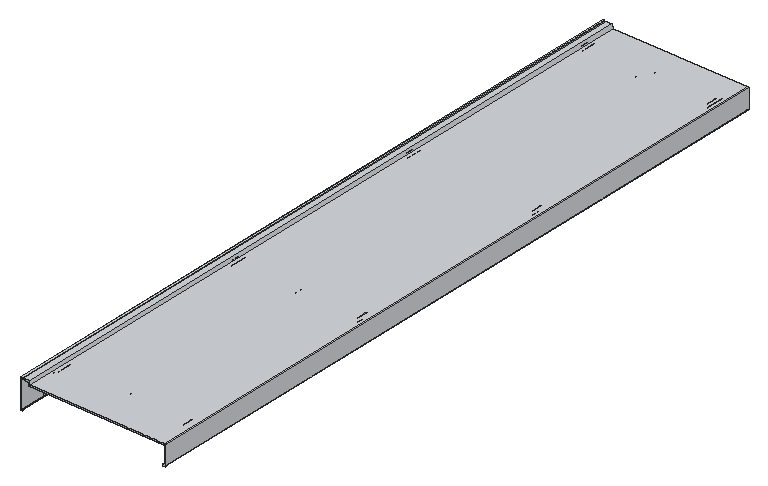
Revit family "ATBB400", category 一般モデル, Revit 2020
Family settings
  鉄筋をホスト可能 = いいえ
  丸型コネクタ寸法 = 直径を使用
  パーツ タイプ = 標準
  作業面ベース = いいえ
  常に垂直 = はい
  ロード時にボイドで切り取り = いいえ
  共有 = いいえ
  部屋計算ポイント = いいえ
Parameters
  笠木長さ [instance] = 2000 mm
  既定の高さ = 0 mm
  定尺笠木長さ = 4000 mm
  固定金具数 [instance] = 4
  判定 [instance] = if(笠木長さ > 4000 mm, 定尺笠木長さ, 笠木長さ)  # 2000 mm
Reference planes
  plane 1 "中心(正面/背面)": y = 0
  plane 2: z = 0
  plane 3 "中心(左/右)": x = 0
  plane 4: y = -2000
  plane 5: y = -100
  plane 6: y = -1900
  plane 7: z = -43
  plane 8: x = -200
  plane 9: x = 200
Forms (mm)
  Extrusion 1, solid
    sketch origin (-852, 0, -951.442) x (1, 0, 0) y (0, 0, 1)
      loop
        arc (652, 908.942) -> (652.147, 908.588) -> (652.5, 908.442) r 0.5
        line (652.5, 908.442) -> (659, 908.442)
        arc (659, 908.442) -> (659.354, 908.588) -> (659.5, 908.942) r 0.5
        line (659.5, 908.942) -> (659.5, 911.642) -> (655.5, 911.642) -> (655.5, 983.009)
        arc (655.5, 983.009) -> (656.116, 984.452) -> (657.583, 985.007) r 2
        line (657.583, 985.007) -> (672.787, 984.376)
        arc (672.787, 984.376) -> (674.004, 983.898) -> (674.665, 982.771) r 2
        line (674.665, 982.771) -> (676.359, 974.326) -> (1046.575, 960.443)
        arc (1046.575, 960.443) -> (1047.941, 959.832) -> (1048.5, 958.444) r 2
        line (1048.5, 958.444) -> (1048.5, 911.642) -> (1044.5, 911.642) -> (1044.5, 908.942)
        arc (1044.5, 908.942) -> (1044.647, 908.588) -> (1045, 908.442) r 0.5
        line (1045, 908.442) -> (1051.5, 908.442)
        arc (1051.5, 908.442) -> (1051.853, 908.588) -> (1052, 908.942) r 0.5
        line (1052, 908.942) -> (1052, 961.515)
        arc (1052, 961.515) -> (1051.441, 962.903) -> (1050.075, 963.514) r 2
        line (1050.075, 963.514) -> (679, 977.429) -> (677, 987.404) -> (654.083, 988.355)
        arc (654.083, 988.355) -> (652.616, 987.8) -> (652, 986.357) r 2
        line (652, 986.357) -> (652, 908.942)
    from 0 to 2000
  Extrusion 2, solid, not visible
    sketch origin (41.378, 0, -304.425) x (1, 0, 0) y (0, 0, 1)
      loop
        arc (652, 908.942) -> (652.147, 908.588) -> (652.5, 908.442) r 0.5
        line (652.5, 908.442) -> (659, 908.442)
        arc (659, 908.442) -> (659.354, 908.588) -> (659.5, 908.942) r 0.5
        line (659.5, 908.942) -> (659.5, 911.642) -> (655.5, 911.642) -> (655.5, 983.009)
        arc (655.5, 983.009) -> (656.116, 984.452) -> (657.583, 985.007) r 2
        line (657.583, 985.007) -> (672.787, 984.376)
        arc (672.787, 984.376) -> (674.004, 983.898) -> (674.665, 982.771) r 2
        line (674.665, 982.771) -> (676.359, 974.326) -> (1046.575, 960.443)
        arc (1046.575, 960.443) -> (1047.941, 959.832) -> (1048.5, 958.444) r 2
        line (1048.5, 958.444) -> (1048.5, 911.642) -> (1044.5, 911.642) -> (1044.5, 908.942)
        arc (1044.5, 908.942) -> (1044.647, 908.588) -> (1045, 908.442) r 0.5
        line (1045, 908.442) -> (1051.5, 908.442)
        arc (1051.5, 908.442) -> (1051.853, 908.588) -> (1052, 908.942) r 0.5
        line (1052, 908.942) -> (1052, 961.515)
        arc (1052, 961.515) -> (1051.441, 962.903) -> (1050.075, 963.514) r 2
        line (1050.075, 963.514) -> (679, 977.429) -> (677, 987.404) -> (654.083, 988.355)
        arc (654.083, 988.355) -> (652.616, 987.8) -> (652, 986.357) r 2
        line (652, 986.357) -> (652, 908.942)
    from 0 to 250
Dimensions and locks
  "笠木長さ": plane 4 to plane 1 "中心(正面/背面)"
  locked: plane 5 to plane 1 "中心(正面/背面)" at 100
  locked: plane 6 to plane 4 at 100
  locked: plane 7 to plane 2 at 43
  plane 9 to plane 3 "中心(左/右)" = 200 mm
  locked: plane 8 to plane 3 "中心(左/右)" at 200
  "判定": Extrusion 1 to plane 1 "中心(正面/背面)"
  locked: nested 1 to plane 1 "中心(正面/背面)" at 75
  equal spacing: group 2, group 4, group 5, group 3  (x2)
  equal spacing: group 3, group 5, group 4, group 2
  locked: nested 2 to plane 6 at 25
  aligned and locked: level to plane 2
  aligned and locked: plane 7 to Extrusion 1
  aligned and locked: Extrusion 1 to plane 8
  aligned and locked: plane 4 to Extrusion 1
Automatic sketch dimensions
  Extrusion 1 sketch curve to plane 8 = 0 mm
  Extrusion 1 sketch curve to plane 7 = 0 mm  (x2)
  Extrusion 1 sketch curve to plane 9 = 0 mm
  Extrusion 1 sketch curve to plane 7 = 0.5 mm  (x4)
  Extrusion 1 sketch curve to Extrusion 1 sketch curve = 2 mm  (x3)
  Extrusion 1 sketch curve to Extrusion 1 sketch curve = 0.083 mm  (x3)
  plane 8 to Extrusion 1 sketch curve = 3.5 mm
  Extrusion 1 sketch curve to Extrusion 1 sketch curve = 3.5 mm
  Extrusion 1 sketch curve to Extrusion 1 sketch curve = 15.204 mm
  Extrusion 1 sketch curve to Extrusion 1 sketch curve = 1.961 mm
  Extrusion 1 sketch curve to Extrusion 1 sketch curve = 1.693 mm
  Extrusion 1 sketch curve to Extrusion 1 sketch curve = 4.213 mm
  Extrusion 1 sketch curve to Extrusion 1 sketch curve = 2.641 mm
  Extrusion 1 sketch curve to plane 7 = 3.2 mm
  Extrusion 1 sketch curve to plane 9 = 7.5 mm
  Extrusion 1 sketch curve to plane 9 = 5.5 mm
  Extrusion 1 sketch curve to Extrusion 1 sketch curve = 0.075 mm
  Extrusion 1 sketch curve to plane 9 = 3.5 mm
  Extrusion 1 sketch curve to plane 9 = 1.925 mm
  Extrusion 1 sketch curve to plane 9 = 0.5 mm
  Extrusion 1 sketch curve to Extrusion 1 sketch curve = 2.7 mm
  level to Extrusion 1 sketch curve = 7.003 mm
  Extrusion 1 sketch curve to Extrusion 1 sketch curve = 3.071 mm
  level to Extrusion 1 sketch curve = 22.884 mm
  Extrusion 1 sketch curve to Extrusion 1 sketch curve = 3.103 mm
  Extrusion 1 sketch curve to Extrusion 1 sketch curve = 4.949 mm
  Extrusion 1 sketch curve to Extrusion 1 sketch curve = 0.393 mm
  Extrusion 1 sketch curve to Extrusion 1 sketch curve = 0.631 mm
  Extrusion 1 sketch curve to Extrusion 1 sketch curve = 3.348 mm
  Extrusion 1 sketch curve to Extrusion 1 sketch curve = 3.028 mm
  Extrusion 1 sketch curve to Extrusion 1 sketch curve = 0 mm
Nested families
  nested 1: "ATAF400" at (0, -75, 0), type "ATAF400"
  nested 2: "ATAF400" at (0, -1875, 0), type "ATAF400"
  nested 3: "ATAF400" at (0, -675, 0), type "ATAF400"
  nested 4: "ATAF400" at (0, -1275, 0), type "ATAF400"
Definition of nested family "ATAF400"
  Parameters (values of type "ATAF400")
    Default Elevation = 0 mm
  Reference planes
    plane 1 "中心(正面/背面)": y = 0
    plane 2: z = 0
    plane 3 "中心(左/右)": x = 0
  Forms (mm)
    Extrusion 1, solid
      sketch origin (-412.982, 0, -515.273) x (1, 0, 0) y (0, 0, 1)
        loop
          line (609.982, 486.605) -> (600.23, 526.077) -> (578.232, 526.901) -> (578.232, 521.843)
          arc (578.232, 521.843) -> (577.731, 520.724) -> (576.563, 520.353) r 1.5
          line (576.563, 520.353) -> (562.966, 521.773) -> (546.335, 521.773) -> (507.912, 521.733) -> (502.705, 518.773) -> (422.982, 518.773) -> (422.982, 521.773) -> (420.982, 521.773) -> (420.982, 518.773) -> (413.982, 518.773) -> (413.982, 530.557) -> (422.982, 530.22) -> (422.982, 532.221) -> (412.982, 532.596) -> (402.982, 532.971) -> (402.982, 530.97) -> (411.982, 530.632) -> (411.982, 518.773) -> (404.982, 518.773) -> (404.982, 521.773) -> (402.982, 521.773) -> (402.982, 518.773) -> (323.108, 518.813) -> (317.901, 521.773) -> (274.129, 521.773) -> (263.018, 521.771) -> (254.7, 520.685)
          arc (254.7, 520.685) -> (251.929, 521.517) -> (250.732, 524.152) r 3.5
          line (250.732, 524.152) -> (250.729, 531.293) -> (249.732, 538.736) -> (225.732, 540.116) -> (215.982, 484.982) -> (215.982, 478.595) -> (218.231, 478.595) -> (218.238, 480.854) -> (228.567, 532.034)
          arc (228.567, 532.034) -> (229.866, 534.117) -> (232.213, 534.835) r 3.5
          line (232.213, 534.835) -> (243.475, 534.188)
          arc (243.475, 534.188) -> (245.15, 533.408) -> (245.832, 531.692) r 2.5
          line (245.832, 531.692) -> (245.801, 515.273) -> (583.232, 515.273) -> (583.232, 520.402)
          arc (583.232, 520.402) -> (584.186, 521.53) -> (585.61, 521.921) r 2.5
          line (585.61, 521.921) -> (594.59, 521.585)
          arc (594.59, 521.585) -> (596.636, 520.841) -> (597.846, 519.031) r 3.5
          line (597.846, 519.031) -> (607.732, 483.344) -> (607.732, 478.595) -> (609.982, 478.595) -> (609.982, 486.605)
      from 0 to 50
  Dimensions and locks
    Extrusion 1 to plane 3 "中心(左/右)" = 197 mm
    Extrusion 1 to level = 0 mm
    aligned and locked: level to plane 2
